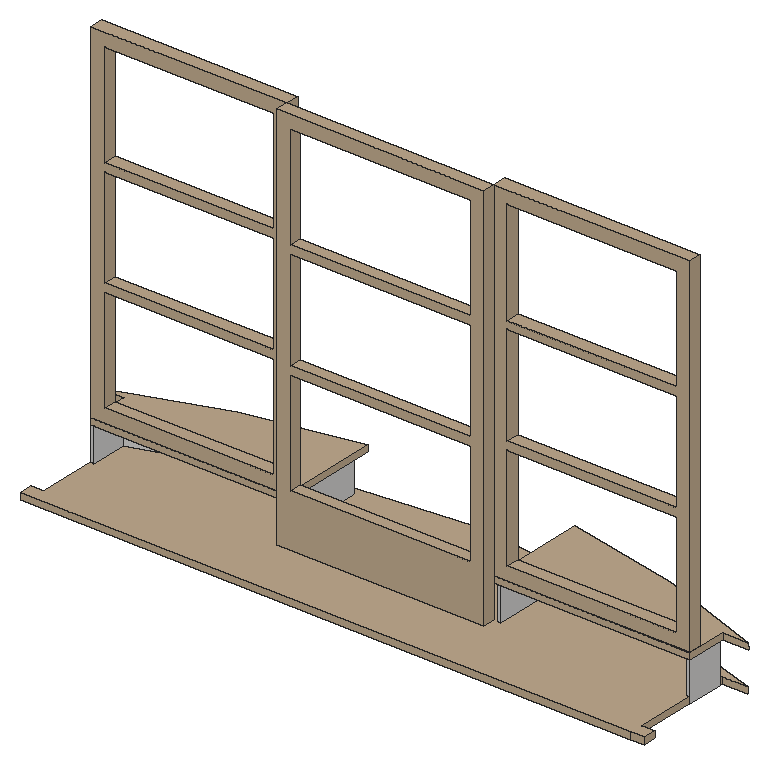
Revit family
Parameters (values of type "RECEPTION counter")
  Height = 1500 mm
  Default Sill Height = 800 mm
  Wall Closure = (empty or 0)
  Width = 1000 mm
  Assembly Code = ""
Reference planes
  plane 1 "Center (Front/Back)": y = -53.768
  plane 2 "Center (Left/Right)": x = -148.95
  plane 3 "Left": x = -1278.95
  plane 4 "Right": x = 981.05
  plane 5 "Sill": z = 725
  plane 6 "Head": z = 2225
  plane 7 "Exterior": y = 189
  plane 8 "Interior": y = -189
Forms (mm)
  Extrusion 1, solid, material "Reception desk top"
    sketch origin (0, 0, 0) x (1, 0, 0) y (0, 1, 0)
      loop
        line (-1378.95, 189) -> (-1278.95, 189) -> (-1278.95, -189) -> (-1328.95, -189) -> (-1328.95, -239) -> (981.05, -239) -> (1031.05, -239) -> (1031.05, -189) -> (981.05, -189) -> (981.05, 189) -> (1081.05, 189)
        arc (1081.05, 189) -> (-148.95, 442.315) -> (-1378.95, 189) r 3112.86
    from 725 to 750
  Extrusion 2, solid, material "Reception desk top"
    sketch origin (19.311, 0, 0) x (1, 0, 0) y (0, 1, 0)
      loop
        line (-1300.875, 35.232) -> (-559.122, 35.232) -> (-559.122, 417.679)
        arc (-559.122, 417.679) -> (-986.718, 332.791) -> (-1398.261, 189) r 3112.86
        line (-1398.261, 189) -> (-1300.875, 189) -> (-1300.875, 35.232)
    from 875 to 900
  Extrusion 3, solid, material "Reception desk top", not visible
    sketch origin (0, 0, 0) x (1, 0, 0) y (0, 1, 0)
      loop
        line (-1278.95, -100) -> (-148.95, -100) -> (-148.95, 309.648)
        arc (-148.95, 309.648) -> (-724.64, 262.249) -> (-1278.95, 99.75) r 2850.184
        line (-1278.95, 99.75) -> (-1278.95, -100)
    from 875 to 900
  Extrusion 4, solid, material "Poles", not visible
    sketch origin (0, 0, 0) x (1, 0, 0) y (0, 1, 0)
      loop
        circle (-1172.599, -31.14) r 35
    from 750 to 875
  Extrusion 5, solid, material "Poles", not visible
    sketch origin (480, 0, 0) x (1, 0, 0) y (0, 1, 0)
      loop
        circle (-1172.599, -31.14) r 35
    from 750 to 875
  Extrusion 6, solid, material "Poles", not visible
    sketch origin (920, 0, 0) x (1, 0, 0) y (0, 1, 0)
      loop
        circle (-1172.599, -31.14) r 35
    from 750 to 875
  Extrusion 7, solid, material "Poles", not visible
    sketch origin (911.757, 252.971, 0) x (1, 0, 0) y (0, 1, 0)
      loop
        circle (-1172.599, -31.14) r 35
    from 750 to 875
  Extrusion 8, solid, material "Poles", not visible
    sketch origin (471.918, 212.342, 0) x (1, 0, 0) y (0, 1, 0)
      loop
        circle (-1172.599, -31.14) r 35
    from 750 to 875
  Extrusion 9, solid, material "Reception desk top"
    sketch origin (-5001.05, 189, 0) x (-1, 0, 0) y (0, 0, 1)
      loop
        line (-3721.05, 900) -> (-3721.05, 2225) -> (-4461.239, 2225) -> (-4461.239, 900) -> (-3721.05, 900)
      loop
        line (-4411.239, 950) -> (-3771.05, 950) -> (-3771.05, 1343) -> (-4411.239, 1343) -> (-4411.239, 950)
      loop
        line (-3771.05, 1752) -> (-4411.239, 1752) -> (-4411.239, 1373) -> (-3771.05, 1373) -> (-3771.05, 1752)
      loop
        line (-4411.239, 1782) -> (-3771.05, 1782) -> (-3771.05, 2175) -> (-4411.239, 2175) -> (-4411.239, 1782)
    from -153.768 to -103.768
  Extrusion 10, solid, material "Reception desk top"
    sketch origin (-317.211, 0, 0) x (-1, 0, 0) y (0, -1, 0)
      loop
        line (-1300.875, -35.232) -> (-1300.875, -189) -> (-1398.261, -189)
        arc (-1398.261, -189) -> (-986.718, -332.791) -> (-559.122, -417.679) r 3112.86
        line (-559.122, -417.679) -> (-559.122, -35.232) -> (-1300.875, -35.232)
    from 875 to 900
  Extrusion 11, solid, material "Reception desk top"
    sketch origin (4703.15, 189, 0) x (1, 0, 0) y (0, 0, -1)
      loop
        line (-3721.05, -900) -> (-4461.239, -900) -> (-4461.239, -2225) -> (-3721.05, -2225) -> (-3721.05, -900)
      loop
        line (-4411.239, -950) -> (-4411.239, -1343) -> (-3771.05, -1343) -> (-3771.05, -950) -> (-4411.239, -950)
      loop
        line (-3771.05, -1752) -> (-3771.05, -1373) -> (-4411.239, -1373) -> (-4411.239, -1752) -> (-3771.05, -1752)
      loop
        line (-4411.239, -1782) -> (-4411.239, -2175) -> (-3771.05, -2175) -> (-3771.05, -1782) -> (-4411.239, -1782)
    from -153.768 to -103.768
  Extrusion 12, solid, material "Reception desk top"
    sketch origin (3962.961, 189, 0) x (1, 0, 0) y (0, 0, -1)
      loop
        line (-3721.05, -750) -> (-4502.772, -750) -> (-4502.772, -2225) -> (-3721.05, -2225) -> (-3721.05, -750)
      loop
        line (-4452.772, -950) -> (-4452.772, -1343) -> (-3771.05, -1343) -> (-3771.05, -950) -> (-4452.772, -950)
      loop
        line (-3771.05, -1752) -> (-3771.05, -1373) -> (-4452.772, -1373) -> (-4452.772, -1752) -> (-3771.05, -1752)
      loop
        line (-4452.772, -1782) -> (-4452.772, -2175) -> (-3771.05, -2175) -> (-3771.05, -1782) -> (-4452.772, -1782)
    from -200 to -153.768
  Extrusion 13, solid, material "Poles"
    sketch origin (0, 0, 0) x (1, 0, 0) y (0, 1, 0)
      loop
        arc (-554.811, 367.3) -> (-924.029, 294.666) -> (-1281.563, 177.334) r 3064.837
        line (-1281.563, 177.334) -> (-1281.563, 35.232) -> (-1268.95, 35.232) -> (-1268.95, 171.805)
        arc (-1268.95, 171.805) -> (-922.388, 284.983) -> (-564.811, 356.073) r 3055.054
        line (-564.811, 356.073) -> (-564.811, 35.232) -> (-554.811, 35.232) -> (-554.811, 367.3)
    from 725 to 875
  Extrusion 14, solid, material "Poles"
    sketch origin (-297.9, 0, 0) x (-1, 0, 0) y (0, -1, 0)
      loop
        line (-554.811, -367.3) -> (-554.811, -35.232) -> (-564.811, -35.232) -> (-564.811, -356.073)
        arc (-564.811, -356.073) -> (-922.388, -284.983) -> (-1268.95, -171.805) r 3055.054
        line (-1268.95, -171.805) -> (-1268.95, -35.232) -> (-1281.563, -35.232) -> (-1281.563, -177.334)
        arc (-1281.563, -177.334) -> (-924.029, -294.666) -> (-554.811, -367.3) r 3064.837
    from 725 to 875
Lines and regions (mm)
  Opening 1
    outline origin (3500, -189, 0) x (1, 0, 0) y (0, 0, 1)
      loop
        line (-2518.95, 725) -> (-2518.95, 2225) -> (-4778.95, 2225) -> (-4778.95, 725) -> (-2518.95, 725)
Text (mm)
  text "EXTERIOR" at (-1963.203, 1332.353, 0), in view "Ref. Level"
  text "INTERIOR" at (-1981.466, -818.386, 0), in view "Ref. Level"
  text "Exterior" at (0, 923.751, 2943.296), in view "Right"
  text "Exterior" at (0, 1040.484, 2685.409), in view "Left"
Dimensions and locks
  equal spacing: plane 3 "Left", plane 2 "Center (Left/Right)", plane 4 "Right"
  plane 3 "Left" to plane 4 "Right" = 2260 mm
  "Height": plane 5 "Sill" to plane 6 "Head"
  plane 5 "Sill" to level = 725 mm
  locked: plane 7 "Exterior" to host wall at 0
  locked: plane 8 "Interior" to host wall
  aligned and locked: Extrusion 10 to Extrusion 11
  aligned and locked: Extrusion 2 to Extrusion 9
  aligned and locked: Extrusion 10 to Extrusion 14
Automatic sketch dimensions
  Extrusion 3 sketch curve to Extrusion 3 sketch curve = 2440.002 mm
  Extrusion 3 sketch curve to Extrusion 3 sketch curve = 1074.831 mm
  Extrusion 3 sketch curve to Extrusion 3 sketch curve = 1130 mm
  Extrusion 3 sketch curve to Extrusion 3 sketch curve = 199.75 mm
  plane 3 "Left" to Opening 1 sketch curve = 0 mm
  plane 4 "Right" to Opening 1 sketch curve = 0 mm
  Opening 1 sketch curve to plane 5 "Sill" = 0 mm
  Opening 1 sketch curve to plane 6 "Head" = 0 mm
  Extrusion 1 sketch curve to host wall = 0 mm  (x2)
  host wall to Extrusion 1 sketch curve = 0 mm  (x2)
  Extrusion 1 sketch curve to plane 3 "Left" = 0 mm
  Extrusion 1 sketch curve to plane 2 "Center (Left/Right)" = 0 mm
  Extrusion 1 sketch curve to plane 4 "Right" = 0 mm  (x2)
  plane 3 "Left" to Extrusion 1 sketch curve = 50 mm
  plane 3 "Left" to Extrusion 1 sketch curve = 100 mm
  Extrusion 1 sketch curve to Extrusion 1 sketch curve = 50 mm  (x2)
  host wall to Extrusion 1 sketch curve = 2481.545 mm
  Extrusion 2 sketch curve to host wall = 0 mm
  Extrusion 2 sketch curve to plane 2 "Center (Left/Right)" = 0 mm
  plane 2 "Center (Left/Right)" to Extrusion 2 sketch curve = 390.861 mm
  plane 3 "Left" to Extrusion 2 sketch curve = 2.613 mm
  Extrusion 2 sketch curve to Extrusion 2 sketch curve = 97.387 mm
  Extrusion 2 sketch curve to host wall = 224.232 mm
  host wall to Extrusion 2 sketch curve = 2481.545 mm
  Extrusion 9 sketch curve to plane 6 "Head" = 0 mm
  Extrusion 9 sketch curve to plane 5 "Sill" = 175 mm
  plane 2 "Center (Left/Right)" to Extrusion 9 sketch curve = 390.861 mm
  plane 2 "Center (Left/Right)" to Extrusion 9 sketch curve = 440.861 mm
  Extrusion 9 sketch curve to Extrusion 9 sketch curve = 0 mm  (x3)
  Extrusion 9 sketch curve to plane 3 "Left" = 48.95 mm  (x2)
  plane 3 "Left" to Extrusion 9 sketch curve = 1.05 mm
  Extrusion 9 sketch curve to Extrusion 9 sketch curve = 50 mm
  Extrusion 9 sketch curve to Extrusion 9 sketch curve = 393 mm
  Extrusion 9 sketch curve to Extrusion 9 sketch curve = 30 mm  (x2)
  Extrusion 9 sketch curve to Extrusion 9 sketch curve = 379 mm
  plane 6 "Head" to Extrusion 9 sketch curve = 50 mm
  Extrusion 10 sketch curve to host wall = 0 mm
  Extrusion 10 sketch curve to plane 2 "Center (Left/Right)" = 0 mm
  plane 2 "Center (Left/Right)" to Extrusion 10 sketch curve = 390.861 mm
  plane 4 "Right" to Extrusion 10 sketch curve = 2.613 mm
  Extrusion 10 sketch curve to Extrusion 10 sketch curve = 97.387 mm
  host wall to Extrusion 10 sketch curve = 224.232 mm
  Extrusion 10 sketch curve to host wall = 2481.545 mm
  Extrusion 11 sketch curve to plane 6 "Head" = 0 mm
  Extrusion 11 sketch curve to plane 5 "Sill" = 175 mm
  Extrusion 11 sketch curve to plane 2 "Center (Left/Right)" = 390.861 mm
  Extrusion 11 sketch curve to plane 2 "Center (Left/Right)" = 440.861 mm
  Extrusion 11 sketch curve to Extrusion 11 sketch curve = 0 mm  (x3)
  plane 4 "Right" to Extrusion 11 sketch curve = 48.95 mm  (x2)
  Extrusion 11 sketch curve to plane 4 "Right" = 1.05 mm
  plane 6 "Head" to Extrusion 11 sketch curve = 50 mm
  Extrusion 11 sketch curve to Extrusion 11 sketch curve = 393 mm
  Extrusion 11 sketch curve to Extrusion 11 sketch curve = 30 mm  (x2)
  Extrusion 11 sketch curve to Extrusion 11 sketch curve = 379 mm
  Extrusion 11 sketch curve to Extrusion 11 sketch curve = 50 mm
  Extrusion 12 sketch curve to plane 6 "Head" = 0 mm
  Extrusion 12 sketch curve to plane 5 "Sill" = 25 mm
  plane 2 "Center (Left/Right)" to Extrusion 12 sketch curve = 390.861 mm
  plane 2 "Center (Left/Right)" to Extrusion 12 sketch curve = 340.861 mm  (x2)
  Extrusion 12 sketch curve to Extrusion 12 sketch curve = 0 mm  (x2)
  Extrusion 12 sketch curve to plane 2 "Center (Left/Right)" = 340.861 mm  (x2)
  Extrusion 12 sketch curve to Extrusion 12 sketch curve = 50 mm
  plane 6 "Head" to Extrusion 12 sketch curve = 50 mm
  Extrusion 12 sketch curve to Extrusion 12 sketch curve = 393 mm
  Extrusion 12 sketch curve to Extrusion 12 sketch curve = 30 mm  (x2)
  Extrusion 12 sketch curve to Extrusion 12 sketch curve = 379 mm
  Extrusion 12 sketch curve to Extrusion 12 sketch curve = 200 mm
  Extrusion 13 sketch curve to Extrusion 13 sketch curve = 0 mm  (x2)
  Extrusion 13 sketch curve to host wall = 224.232 mm
  Extrusion 13 sketch curve to plane 2 "Center (Left/Right)" = 0 mm
  plane 2 "Center (Left/Right)" to Extrusion 13 sketch curve = 405.861 mm
  Extrusion 13 sketch curve to Extrusion 13 sketch curve = 10 mm
  Extrusion 13 sketch curve to plane 3 "Left" = 10 mm
  plane 3 "Left" to Extrusion 13 sketch curve = 2.613 mm
  host wall to Extrusion 13 sketch curve = 2481.545 mm
  Extrusion 13 sketch curve to host wall = 35.232 mm
  Extrusion 13 sketch curve to host wall = 17.195 mm
  Extrusion 13 sketch curve to host wall = 11.666 mm
  Extrusion 14 sketch curve to Extrusion 14 sketch curve = 0 mm  (x2)
  host wall to Extrusion 14 sketch curve = 224.232 mm
  Extrusion 14 sketch curve to plane 2 "Center (Left/Right)" = 0 mm
  plane 2 "Center (Left/Right)" to Extrusion 14 sketch curve = 405.861 mm
  Extrusion 14 sketch curve to Extrusion 14 sketch curve = 10 mm
  Extrusion 14 sketch curve to plane 4 "Right" = 10 mm
  plane 4 "Right" to Extrusion 14 sketch curve = 2.613 mm
  Extrusion 14 sketch curve to host wall = 2481.545 mm
  host wall to Extrusion 14 sketch curve = 35.232 mm
  host wall to Extrusion 14 sketch curve = 17.195 mm
  host wall to Extrusion 14 sketch curve = 11.666 mm
  radius of Extrusion 4 sketch curve = 35 mm
  radius of Extrusion 5 sketch curve = 35 mm
  radius of Extrusion 6 sketch curve = 35 mm
  radius of Extrusion 7 sketch curve = 35 mm
  radius of Extrusion 8 sketch curve = 35 mm
